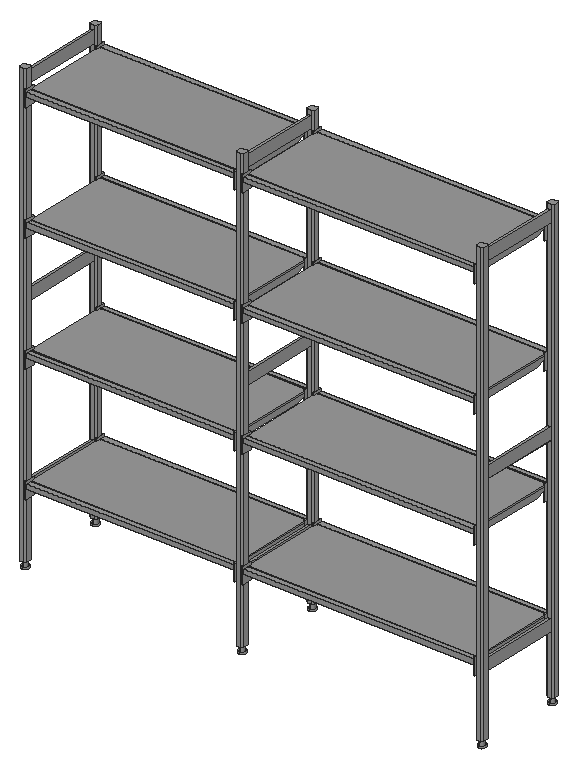
Revit family "QF_ELECTROLUXPROFESSIONAL_137021_ALS1784", category Attrezzature speciali, Revit 2020
Family settings
  Quota connettore circolare = Usa diametro
  Tipo di parte = Normale
  Basato su piano di lavoro = No
  Sempre verticale = Sì
  Taglio con vuoti quando caricato = No
  Condiviso = No
  Punto di calcolo locali = No
Parameters (values of type "Standard")
  Weight = 32.00 kg
  Watts = 0 W
  Volts = 0 V
  URL Manufacturer = "https://www.electroluxprofessional.com/"
  URL = "https://www.electroluxprofessional.com/"
  Steam Supply Size = 0 mm
  Steam Supply Minimum Pressure = 0.0 Pa
  Steam Supply Maximum Pressure = 0.0 Pa
  Steam Consumption per Hour = 0
  Refrigeration Suction Line Size = 0.0 mm
  Refrigeration Liquid Line Size = 0.0 mm
  Refrigerant Compressor Remote = yes
  Prospetto di default = 0.0 mm
  Phase = 0
  Modello = "ALS1784"
  Produttore = "Electrolux Professional"
  Length Actual = 1784.0 mm  # constant formula
  Item Number = "137021"
  Hot Water Size = 0 mm
  Height Actual = 1700.0 mm  # constant formula
  HP = "0 HP"
  Gas Size = 0 mm
  Gas KW = 0
  Gas Input Pressure = 0 W
  Direct Waste Size = 0 mm
  Descrizione = "ALUM.LINEAR SHELV.-POLY.TIERS-373X1784MM"
  Depth Actual = 373.0 mm  # constant formula
  Cycle = 0 Hz
  Condensate Return Size = 0 mm
  Compressed Air Volume = 0.0 L/s
  Compressed Air Size = 0 mm
  Compressed Air Pressure = 0.0 Pa
  Cold Water Size = 0 mm
  Accessory = yes
Reference planes
  plane 1: z = 0
  plane 2 "CenterLeft": x = -31
  plane 3 "LEFT": x = -417
  plane 4 "BACK": y = 23
  plane 5 "FRONT": y = -350
  plane 6 "TOP": z = 1700
  plane 7: x = -385
  plane 8: x = 413
  plane 9 "Center (Front/Back)": y = -163.5
  plane 10: y = -8.5
  plane 11: y = -318.5
  plane 12 "FEET": z = 25
  plane 13: z = 275
  plane 14: z = 725
  plane 15: z = 1175
  plane 16: z = 1625
  plane 17 "CXLeft": x = -403
  plane 18 "Center (Left/Right)": x = 431
  plane 19: y = 5.5
  plane 20 "CYBack": y = 5.5
  plane 21 "CYFront": y = -332.5
  plane 22 "RIGHT": x = 1367
  plane 23: x = 1335
  plane 24 "CXRight": x = 1353
  plane 25: x = 449
Forms (mm)
  Extrusion 1, solid, material "QF_Aluminum"
    sketch origin (-417, 0, -4.006) x (0, 1, 0) y (0, 0, 1)
      loop
        line (-12, 1637.003) -> (4, 1637.003) -> (4, 1655) -> (2.007, 1655) -> (2.007, 1648.501) -> (-329, 1648.501) -> (-329, 1655) -> (-331, 1655) -> (-331, 1637.003) -> (-315, 1637.003) -> (-281, 1625) -> (-46, 1625) -> (-12, 1637.003)
      loop
        line (-12, 1187.003) -> (4, 1187.003) -> (4, 1205) -> (2.007, 1205) -> (2.007, 1198.501) -> (-329, 1198.501) -> (-329, 1205) -> (-331, 1205) -> (-331, 1187.003) -> (-315, 1187.003) -> (-281, 1175) -> (-46, 1175) -> (-12, 1187.003)
      loop
        line (-12, 737.003) -> (4, 737.003) -> (4, 755) -> (2.007, 755) -> (2.007, 748.501) -> (-329, 748.501) -> (-329, 755) -> (-331, 755) -> (-331, 737.003) -> (-315, 737.003) -> (-281, 725) -> (-46, 725) -> (-12, 737.003)
      loop
        line (-12, 287.003) -> (4, 287.003) -> (4, 305) -> (2.007, 305) -> (2.007, 298.501) -> (-329, 298.501) -> (-329, 305) -> (-331, 305) -> (-331, 287.003) -> (-315, 287.003) -> (-281, 275) -> (-46, 275) -> (-12, 287.003)
    from 37 to 32
  Extrusion 2, solid, material "QF_Aluminum"
    sketch origin (-417, 0, 0) x (0, 1, 0) y (0, 0, 1)
      loop
        line (23, 246.005) -> (23, 307.993) -> (-12.993, 307.993) -> (-12.993, 246.005) -> (23, 246.005)
      loop
        line (-350, 246.005) -> (-314.007, 246.005) -> (-314.007, 307.993) -> (-350, 307.993) -> (-350, 246.005)
      loop
        line (23, 696.005) -> (23, 757.993) -> (-12.993, 757.993) -> (-12.993, 696.005) -> (23, 696.005)
      loop
        line (-350, 696.005) -> (-314.007, 696.005) -> (-314.007, 757.993) -> (-350, 757.993) -> (-350, 696.005)
      loop
        line (23, 1146.005) -> (23, 1207.993) -> (-12.993, 1207.993) -> (-12.993, 1146.005) -> (23, 1146.005)
      loop
        line (-350, 1146.005) -> (-314.007, 1146.005) -> (-314.007, 1207.993) -> (-350, 1207.993) -> (-350, 1146.005)
      loop
        line (23, 1596.005) -> (23, 1657.993) -> (-12.993, 1657.993) -> (-12.993, 1596.005) -> (23, 1596.005)
      loop
        line (-350, 1596.005) -> (-314.007, 1596.005) -> (-314.007, 1657.993) -> (-350, 1657.993) -> (-350, 1596.005)
    from 28 to 32
  Extrusion 3, solid, material "QF_Aluminum"
    sketch origin (-417, 0, 0) x (0, 1, 0) y (0, 0, 1)
      loop
        line (4, 1650.994) -> (4, 1632.998) -> (23, 1632.998) -> (23, 1650.994) -> (4, 1650.994)
      loop
        line (-331, 1650.994) -> (-350, 1650.994) -> (-350, 1632.998) -> (-331, 1632.998) -> (-331, 1650.994)
      loop
        line (4, 1200.994) -> (4, 1182.998) -> (23, 1182.998) -> (23, 1200.994) -> (4, 1200.994)
      loop
        line (-331, 1200.994) -> (-350, 1200.994) -> (-350, 1182.998) -> (-331, 1182.998) -> (-331, 1200.994)
      loop
        line (4, 750.994) -> (4, 732.998) -> (23, 732.998) -> (23, 750.994) -> (4, 750.994)
      loop
        line (-331, 750.994) -> (-350, 750.994) -> (-350, 732.998) -> (-331, 732.998) -> (-331, 750.994)
      loop
        line (4, 300.994) -> (4, 282.998) -> (23, 282.998) -> (23, 300.994) -> (4, 300.994)
      loop
        line (-331, 300.994) -> (-350, 300.994) -> (-350, 282.998) -> (-331, 282.998) -> (-331, 300.994)
    from 32 to 830
  Extrusion 4, solid, material "QF_Polyethylene"
    sketch origin (-417, 0, 0) x (0, 1, 0) y (0, 0, 1)
      loop
        line (2.007, 1650.994) -> (-329, 1650.994) -> (-329, 1644.496) -> (2.007, 1644.496) -> (2.007, 1650.994)
      loop
        line (2.007, 1200.994) -> (-329, 1200.994) -> (-329, 1194.496) -> (2.007, 1194.496) -> (2.007, 1200.994)
      loop
        line (2.007, 750.994) -> (-329, 750.994) -> (-329, 744.496) -> (2.007, 744.496) -> (2.007, 750.994)
      loop
        line (2.007, 300.994) -> (-329, 300.994) -> (-329, 294.496) -> (2.007, 294.496) -> (2.007, 300.994)
    from 32 to 830
  Extrusion 5, solid, material "QF_Aluminum"
    sketch origin (1367, 0, 0) x (0, 1, 0) y (0, 0, 1)
      loop
        line (4, 1650.994) -> (4, 1632.998) -> (23, 1632.998) -> (23, 1650.994) -> (4, 1650.994)
      loop
        line (-331, 1650.994) -> (-350, 1650.994) -> (-350, 1632.998) -> (-331, 1632.998) -> (-331, 1650.994)
      loop
        line (4, 1200.994) -> (4, 1182.998) -> (23, 1182.998) -> (23, 1200.994) -> (4, 1200.994)
      loop
        line (-331, 1200.994) -> (-350, 1200.994) -> (-350, 1182.998) -> (-331, 1182.998) -> (-331, 1200.994)
      loop
        line (4, 750.994) -> (4, 732.998) -> (23, 732.998) -> (23, 750.994) -> (4, 750.994)
      loop
        line (-331, 750.994) -> (-350, 750.994) -> (-350, 732.998) -> (-331, 732.998) -> (-331, 750.994)
      loop
        line (4, 300.994) -> (4, 282.998) -> (23, 282.998) -> (23, 300.994) -> (4, 300.994)
      loop
        line (-331, 300.994) -> (-350, 300.994) -> (-350, 282.998) -> (-331, 282.998) -> (-331, 300.994)
    from -32 to -918
  Extrusion 6, solid, material "QF_Polyethylene"
    sketch origin (1367, 0, 0) x (0, 1, 0) y (0, 0, 1)
      loop
        line (2.007, 1650.994) -> (-329, 1650.994) -> (-329, 1644.496) -> (2.007, 1644.496) -> (2.007, 1650.994)
      loop
        line (2.007, 1200.994) -> (-329, 1200.994) -> (-329, 1194.496) -> (2.007, 1194.496) -> (2.007, 1200.994)
      loop
        line (2.007, 750.994) -> (-329, 750.994) -> (-329, 744.496) -> (2.007, 744.496) -> (2.007, 750.994)
      loop
        line (2.007, 300.994) -> (-329, 300.994) -> (-329, 294.496) -> (2.007, 294.496) -> (2.007, 300.994)
    from -32 to -918
Lines and regions (mm)
  symbolic lines
    curve 1: line (413, 4, 1700) -> (-385, 4, 1700)
    curve 2: line (-408, -8.5, 1700) -> (-408, -318.5, 1700)
    curve 3: line (-398, -318.5, 1700) -> (-398, -8.5, 1700)
    curve 4: line (-389, 23, 1700) -> (417, 23, 1700)
    curve 5: line (-385, -350, 1700) -> (413, -350, 1700)
    curve 6: line (445, 23, 1700) -> (1339, 23, 1700)
    curve 7: line (445, -350, 1700) -> (1339, -350, 1700)
    curve 8: line (-385, -331, 1700) -> (413, -331, 1700)
    curve 9: line (449, -331, 1700) -> (1335, -331, 1700)
    curve 10: line (449, 4, 1700) -> (1335, 4, 1700)
    curve 11: line (1335, -12.993, 1700) -> (1335, -314.007, 1700)
    curve 12: line (413, -12.993, 1700) -> (413, -314.007, 1700)
    curve 13: line (449, -314.007, 1700) -> (449, -12.993, 1700)
    curve 14: line (-385, -12.993, 1700) -> (-385, -314.007, 1700)
Dimensions and locks
  plane 3 "LEFT" to plane 2 "CenterLeft" = 386.0 mm
  locked: plane 6 "TOP" to level at 1700
  locked: plane 4 "BACK" to plane 5 "FRONT" at 373
  locked: plane 7 to plane 8 at 798
  locked: plane 10 to plane 11 at 310
  equal spacing: plane 10, plane 9 "Center (Front/Back)", plane 11
  equal spacing: plane 4 "BACK", plane 9 "Center (Front/Back)", plane 5 "FRONT"
  plane 12 "FEET" to level = 25.0 mm
  plane 6 "TOP" to plane 12 "FEET" = 1675.0 mm
  plane 13 to plane 12 "FEET" = 250.0 mm
  plane 14 to plane 13 = 450.0 mm
  plane 15 to plane 14 = 450.0 mm
  plane 16 to plane 15 = 450.0 mm
  locked: plane 4 "BACK" to plane 20 "CYBack" at 17.5
  locked: plane 21 "CYFront" to plane 5 "FRONT" at 17.5
  locked: plane 4 "BACK" to Extrusion 1 at 19
  locked: Extrusion 1 to plane 5 "FRONT" at 19
  Extrusion 1 sketch curve to plane 21 "CYFront" = 3.5 mm
  plane 3 "LEFT" to plane 22 "RIGHT" = 1784.0 mm
  locked: plane 25 to plane 23 at 886
  locked: plane 8 to plane 18 "Center (Left/Right)" at 18
  locked: plane 18 "Center (Left/Right)" to plane 25 at 18
  locked: plane 3 "LEFT" to plane 7 at 32
  locked: plane 24 "CXRight" to plane 22 "RIGHT" at 14
  aligned and locked: level to plane 1
  aligned and locked: plane 7 to Extrusion 1
  aligned and locked: Extrusion 2 to plane 7
  aligned and locked: plane 7 to Extrusion 4
  aligned and locked: Extrusion 4 to plane 8
  aligned and locked: plane 7 to Extrusion 3
  aligned and locked: Extrusion 3 to plane 8
  aligned and locked: Extrusion 3 sketch curve to Extrusion 1
  aligned and locked: Extrusion 1 to Extrusion 3 sketch curve
  aligned and locked: Extrusion 3 sketch curve to Extrusion 3 sketch curve  (x2)
  aligned and locked: Extrusion 1 sketch curve to Extrusion 1 sketch curve  (x3)
  aligned and locked: Extrusion 4 sketch curve to Extrusion 1  (x4)
  aligned and locked: Extrusion 5 sketch curve to Extrusion 5 sketch curve  (x2)
  aligned and locked: Extrusion 5 to plane 25
  aligned and locked: Extrusion 6 to plane 25
  aligned and locked: plane 18 "Center (Left/Right)" to nested 3
  aligned and locked: plane 17 "CXLeft" to nested 1
  aligned and locked: Extrusion 3 to plane 7  (x3)
  aligned and locked: plane 8 to Extrusion 3  (x4)
  aligned and locked: plane 25 to Extrusion 5  (x4)
  aligned and locked: plane 25 to Extrusion 6  (x4)
  aligned and locked: plane 8 to Extrusion 4  (x4)
  aligned and locked: plane 24 "CXRight" to nested 2
  aligned and locked: Extrusion 5 to plane 23
  aligned and locked: Extrusion 6 to plane 23
  aligned and locked: plane 23 to Extrusion 5  (x3)
  aligned and locked: plane 23 to Extrusion 6  (x3)
Automatic sketch dimensions
  plane 21 "CYFront" to Extrusion 1 sketch curve = 1.5 mm  (x4)
  plane 11 to Extrusion 1 sketch curve = 3.5 mm  (x4)
  Extrusion 1 sketch curve to plane 13 = 4.006 mm
  Extrusion 1 sketch curve to Extrusion 1 sketch curve = 34.0 mm  (x4)
  Extrusion 1 sketch curve to plane 14 = 4.006 mm
  Extrusion 1 sketch curve to plane 15 = 4.006 mm
  Extrusion 1 sketch curve to plane 16 = 4.006 mm
  Extrusion 1 sketch curve to plane 10 = 37.5 mm  (x4)
  Extrusion 1 sketch curve to plane 10 = 3.5 mm  (x4)
  plane 19 to Extrusion 1 sketch curve = 3.493 mm  (x4)
  plane 19 to Extrusion 1 sketch curve = 1.5 mm  (x4)
  plane 13 to Extrusion 1 sketch curve = 7.998 mm  (x2)
  Extrusion 1 sketch curve to Extrusion 1 sketch curve = 11.498 mm  (x4)
  Extrusion 1 sketch curve to Extrusion 1 sketch curve = 6.499 mm  (x8)
  plane 14 to Extrusion 1 sketch curve = 7.998 mm  (x2)
  plane 15 to Extrusion 1 sketch curve = 7.998 mm  (x2)
  plane 16 to Extrusion 1 sketch curve = 7.998 mm  (x2)
  Extrusion 2 sketch curve to plane 5 "FRONT" = 0.0 mm  (x4)
  Extrusion 2 sketch curve to plane 4 "BACK" = 0.0 mm  (x4)
  plane 11 to Extrusion 2 sketch curve = 4.493 mm  (x4)
  Extrusion 2 sketch curve to plane 10 = 4.493 mm  (x4)
  Extrusion 2 sketch curve to plane 13 = 28.995 mm  (x2)
  plane 13 to Extrusion 2 sketch curve = 32.993 mm  (x2)
  Extrusion 2 sketch curve to plane 14 = 28.995 mm  (x2)
  plane 14 to Extrusion 2 sketch curve = 32.993 mm  (x2)
  Extrusion 2 sketch curve to plane 15 = 28.995 mm  (x2)
  plane 15 to Extrusion 2 sketch curve = 32.993 mm  (x2)
  Extrusion 2 sketch curve to plane 16 = 28.995 mm  (x2)
  plane 16 to Extrusion 2 sketch curve = 32.993 mm  (x2)
  Extrusion 3 sketch curve to plane 5 "FRONT" = 0.0 mm  (x4)
  Extrusion 3 sketch curve to plane 4 "BACK" = 0.0 mm  (x4)
  plane 19 to Extrusion 3 sketch curve = 1.5 mm  (x4)
  plane 13 to Extrusion 3 sketch curve = 7.998 mm  (x2)
  Extrusion 3 sketch curve to Extrusion 3 sketch curve = 17.997 mm  (x8)
  plane 14 to Extrusion 3 sketch curve = 7.998 mm  (x2)
  plane 15 to Extrusion 3 sketch curve = 7.998 mm  (x2)
  plane 16 to Extrusion 3 sketch curve = 7.998 mm  (x2)
  plane 19 to Extrusion 4 sketch curve = 3.493 mm  (x4)
  plane 13 to Extrusion 4 sketch curve = 19.496 mm
  Extrusion 4 sketch curve to Extrusion 4 sketch curve = 6.499 mm  (x4)
  plane 14 to Extrusion 4 sketch curve = 19.496 mm
  plane 15 to Extrusion 4 sketch curve = 19.496 mm
  plane 16 to Extrusion 4 sketch curve = 19.496 mm
  Extrusion 5 sketch curve to plane 5 "FRONT" = 0.0 mm  (x4)
  Extrusion 5 sketch curve to plane 4 "BACK" = 0.0 mm  (x4)
  plane 21 "CYFront" to Extrusion 5 sketch curve = 1.5 mm  (x2)
  plane 19 to Extrusion 5 sketch curve = 1.5 mm  (x4)
  plane 13 to Extrusion 5 sketch curve = 7.998 mm  (x2)
  Extrusion 5 sketch curve to Extrusion 5 sketch curve = 17.997 mm  (x8)
  plane 14 to Extrusion 5 sketch curve = 7.998 mm  (x2)
  plane 15 to Extrusion 5 sketch curve = 7.998 mm  (x2)
  plane 16 to Extrusion 5 sketch curve = 7.998 mm  (x2)
  plane 21 "CYFront" to Extrusion 6 sketch curve = 3.5 mm  (x4)
  plane 19 to Extrusion 6 sketch curve = 3.493 mm  (x4)
  plane 13 to Extrusion 6 sketch curve = 19.496 mm
  Extrusion 6 sketch curve to Extrusion 6 sketch curve = 6.499 mm  (x4)
  plane 14 to Extrusion 6 sketch curve = 19.496 mm
  plane 15 to Extrusion 6 sketch curve = 19.496 mm
  plane 16 to Extrusion 6 sketch curve = 19.496 mm
  curve 7 to plane 5 "FRONT" = 0.0 mm
  curve 5 to plane 5 "FRONT" = 0.0 mm
  curve 8 to plane 8 = 0.0 mm
  curve 9 to plane 25 = 0.0 mm
  curve 9 to plane 23 = 0.0 mm
  curve 8 to plane 7 = 0.0 mm
  curve 2 to plane 11 = 0.0 mm
  curve 3 to plane 11 = 0.0 mm
  curve 14 to plane 7 = 0.0 mm
  curve 13 to plane 25 = 0.0 mm
  curve 12 to plane 8 = 0.0 mm
  curve 11 to plane 23 = 0.0 mm
  curve 3 to plane 10 = 0.0 mm
  curve 2 to plane 10 = 0.0 mm
  curve 1 to plane 8 = 0.0 mm
  curve 1 to plane 7 = 0.0 mm
  curve 10 to plane 23 = 0.0 mm
  curve 10 to plane 25 = 0.0 mm
  curve 4 to plane 4 "BACK" = 0.0 mm
  curve 6 to plane 4 "BACK" = 0.0 mm
  curve 5 to plane 8 = 0.0 mm
  curve 5 to plane 7 = 0.0 mm
  plane 21 "CYFront" to curve 8 = 1.5 mm
  plane 21 "CYFront" to curve 9 = 1.5 mm
  plane 11 to curve 14 = 4.493 mm
  plane 11 to curve 13 = 4.493 mm
  plane 11 to curve 12 = 4.493 mm
  plane 11 to curve 11 = 4.493 mm
  curve 14 to plane 10 = 4.493 mm
  curve 13 to plane 10 = 4.493 mm
  curve 12 to plane 10 = 4.493 mm
  curve 11 to plane 10 = 4.493 mm
  plane 19 to curve 1 = 1.5 mm
  plane 19 to curve 10 = 1.5 mm
  curve 6 to plane 23 = 4.0 mm
  curve 7 to plane 23 = 4.0 mm
  curve 6 to plane 25 = 4.0 mm
  curve 7 to plane 25 = 4.0 mm
  curve 4 to plane 8 = 4.0 mm
  plane 7 to curve 4 = 4.0 mm
  plane 17 "CXLeft" to curve 3 = 5.0 mm
  curve 2 to plane 17 "CXLeft" = 5.0 mm
Nested families
  nested 1: "WT_Anta373" at (0, 0, 0), type "WT_Anta373"
  nested 2: "WT_Anta373" at (950, 0, 0) x (-1, 0, 0) z (0, 0, 1), type "WT_Anta373"
  nested 3: "WT_Anta373Center" at (834, 0, 0), type "WT_Anta373Center"
Definition of nested family "WT_Anta373"
  Parameters
    WidthLeft = A + 64.0 mm  # 772.0 mm
    Width = 1606.0 mm
    Right = WidthLeft / 2  # 386.0 mm
    Default Elevation = 0.0 mm
    Left = -WidthLeft / 2  # -386.0 mm
    Height = 1725.0 mm
    FEET = 25.0 mm
    E = 0.0 mm
    Dint = Depth - 63.0 mm  # 310.0 mm
    Dext = Depth - 8.0 mm  # 365.0 mm
    Depth = 373.0 mm
    DX = (WidthLeft - A) / 2  # 32.0 mm
    B = 798.0 mm
    A = 708.0 mm
  Reference planes
    plane 1: z = 0
    plane 2 "LEFT": x = -417
    plane 3 "BACK": y = 23
    plane 4 "FRONT": y = -350
    plane 5 "TOP": z = 1725
    plane 6 "Center (Front/Back)": y = -163.5
    plane 7: y = -8.5
    plane 8: y = -318.5
    plane 9 "FEET": z = 25
    plane 10: z = 275
    plane 11: z = 725
    plane 12: z = 1175
    plane 13: z = 1625
    plane 14 "CXLeft": x = -403
    plane 15: y = 5.5
    plane 16 "CYBack": y = 5.5
    plane 17 "CYFront": y = -332.5
    plane 18: x = -385.031
    plane 19: x = -380.031
  Forms (mm)
    Extrusion 1, solid
      sketch origin (0, 0, 0) x (1, 0, 0) y (0, 1, 0)
        loop
          line (-417, 13.246) -> (-417, -2.246) -> (-410.746, -8.5) -> (-395.254, -8.5) -> (-389, -2.246) -> (-389, 13.246) -> (-395.254, 19.5) -> (-410.746, 19.5) -> (-417, 13.246)
      from 1725 to 25
    Extrusion 2, solid
      sketch origin (-417, 0, 0) x (0, 1, 0) y (0, 0, 1)
        loop
          line (23, 246.005) -> (23, 307.993) -> (-12.993, 307.993) -> (-12.993, 246.005) -> (23, 246.005)
        loop
          line (-350, 246.005) -> (-314.007, 246.005) -> (-314.007, 307.993) -> (-350, 307.993) -> (-350, 246.005)
        loop
          line (23, 696.005) -> (23, 757.993) -> (-12.993, 757.993) -> (-12.993, 696.005) -> (23, 696.005)
        loop
          line (-350, 696.005) -> (-314.007, 696.005) -> (-314.007, 757.993) -> (-350, 757.993) -> (-350, 696.005)
        loop
          line (23, 1146.005) -> (23, 1207.993) -> (-12.993, 1207.993) -> (-12.993, 1146.005) -> (23, 1146.005)
        loop
          line (-350, 1146.005) -> (-314.007, 1146.005) -> (-314.007, 1207.993) -> (-350, 1207.993) -> (-350, 1146.005)
        loop
          line (23, 1596.005) -> (23, 1657.993) -> (-12.993, 1657.993) -> (-12.993, 1596.005) -> (23, 1596.005)
        loop
          line (-350, 1596.005) -> (-314.007, 1596.005) -> (-314.007, 1657.993) -> (-350, 1657.993) -> (-350, 1596.005)
      from 28 to 32
    Revolve 3, solid
      sketch origin (-403, 0, 0) x (0, 1, 0) y (0, 0, 1)
        loop
          line (5.5, 25) -> (5.5, 0) -> (19, 0) -> (19, 5) -> (14, 5) -> (14, 25) -> (5.5, 25)
        axis (5.5, 25) -> (5.5, 0)
      angle from 0 to 360
    Extrusion 4, solid
      sketch origin (-403, 0, 0) x (0, 1, 0) y (0, 0, 1)
        loop
          line (-8.5, 912.382) -> (-8.5, 957.374) -> (-318.5, 957.374) -> (-318.5, 912.382) -> (-8.5, 912.382)
        loop
          line (-8.5, 1662.244) -> (-8.5, 1707.236) -> (-318.5, 1707.236) -> (-318.5, 1662.244) -> (-8.5, 1662.244)
      from -5 to 5
    Revolve 5, solid
      sketch origin (-403, -627, 0) x (0, -1, 0) y (0, 0, 1)
        loop
          line (-294.5, 25) -> (-294.5, 0) -> (-281, 0) -> (-281, 5) -> (-286, 5) -> (-286, 25) -> (-294.5, 25)
        axis (-294.5, 25) -> (-294.5, 0)
      angle from 0 to 360
    Extrusion 6, solid
      sketch origin (0, -627, 0) x (1, 0, 0) y (0, 1, 0)
        loop
          line (-417, 286.754) -> (-410.746, 280.5) -> (-395.254, 280.5) -> (-389, 286.754) -> (-389, 302.246) -> (-395.254, 308.5) -> (-410.746, 308.5) -> (-417, 302.246) -> (-417, 286.754)
      from 1725 to 25
    Extrusion 7, solid
      sketch origin (-417.031, -0.022, 0) x (0, 1, 0) y (0, 0, -1)
        loop
          line (-12, -1632.998) -> (-46, -1620.994) -> (-281, -1620.994) -> (-315, -1632.998) -> (-331, -1632.998) -> (-331, -1650.994) -> (-329, -1650.994) -> (-329, -1644.496) -> (2.007, -1644.496) -> (2.007, -1650.994) -> (4, -1650.994) -> (4, -1632.998) -> (-12, -1632.998)
        loop
          line (-12, -1182.998) -> (-46, -1170.994) -> (-281, -1170.994) -> (-315, -1182.998) -> (-331, -1182.998) -> (-331, -1200.994) -> (-329, -1200.994) -> (-329, -1194.496) -> (2.007, -1194.496) -> (2.007, -1200.994) -> (4, -1200.994) -> (4, -1182.998) -> (-12, -1182.998)
        loop
          line (-12, -732.998) -> (-46, -720.994) -> (-281, -720.994) -> (-315, -732.998) -> (-331, -732.998) -> (-331, -750.994) -> (-329, -750.994) -> (-329, -744.496) -> (2.007, -744.496) -> (2.007, -750.994) -> (4, -750.994) -> (4, -732.998) -> (-12, -732.998)
        loop
          line (-12, -282.998) -> (-46, -270.994) -> (-281, -270.994) -> (-315, -282.998) -> (-331, -282.998) -> (-331, -300.994) -> (-329, -300.994) -> (-329, -294.496) -> (2.007, -294.496) -> (2.007, -300.994) -> (4, -300.994) -> (4, -282.998) -> (-12, -282.998)
      from -32 to -37
    Extrusion 8, solid
      sketch origin (-403, 0, -659.878) x (0, 1, 0) y (0, 0, 1)
        loop
          line (-8.5, 912.382) -> (-8.5, 957.374) -> (-318.5, 957.374) -> (-318.5, 912.382) -> (-8.5, 912.382)
        loop
          line (-8.5, 1572.382) -> (-8.5, 1617.374) -> (-318.5, 1617.374) -> (-318.5, 1572.382) -> (-8.5, 1572.382)
        loop
          line (-8.5, 2322.382) -> (-8.5, 2367.374) -> (-318.5, 2367.374) -> (-318.5, 2322.382) -> (-8.5, 2322.382)
      from -5 to 5
  Lines and regions (mm)
    symbolic lines
      curve 1: line (-408, -8.5, 1725) -> (-408, -318.5, 1725)
      curve 2: line (-398, -318.5, 1725) -> (-398, -8.5, 1725)
      curve 3: line (-395.254, -8.5, 1725) -> (-410.746, -8.5, 1725)
      curve 4: line (-417, -2.246, 1725) -> (-410.746, -8.5, 1725)
      curve 5: line (-417, 13.246, 1725) -> (-417, -2.246, 1725)
      curve 6: line (-410.746, 19.5, 1725) -> (-417, 13.246, 1725)
      curve 7: line (-395.254, 19.5, 1725) -> (-410.746, 19.5, 1725)
      curve 8: line (-389, 13.246, 1725) -> (-395.254, 19.5, 1725)
      curve 9: line (-395.254, -8.5, 1725) -> (-389, -2.246, 1725)
      curve 10: line (-395.254, -318.5, 1725) -> (-410.746, -318.5, 1725)
      curve 11: line (-417, -324.754, 1725) -> (-410.746, -318.5, 1725)
      curve 12: line (-410.746, -346.5, 1725) -> (-417, -340.246, 1725)
      curve 13: line (-395.254, -346.5, 1725) -> (-410.746, -346.5, 1725)
      curve 14: line (-389, -340.246, 1725) -> (-395.254, -346.5, 1725)
      curve 15: line (-395.254, -318.5, 1725) -> (-389, -324.754, 1725)
      curve 16: line (-389, -350, 1725) -> (-389, -314.007, 1725)
      curve 17: line (-389, -314.007, 1725) -> (-385, -314.007, 1725)
      curve 18: line (-389, 23, 1725) -> (-389, -12.993, 1725)
      curve 19: line (-389, -12.993, 1725) -> (-385, -12.993, 1725)
      curve 20: line (-417, -324.754, 1725) -> (-417, -340.246, 1725)
      curve 21: line (-385, -350, 1725) -> (-385, -314.007, 1725)
      curve 22: line (-385, -350, 1725) -> (-389, -350, 1725)
      curve 23: line (-385, 23, 1725) -> (-389, 23, 1725)
      curve 24: line (-385, -12.993, 1725) -> (-385, 23, 1725)
      curve 25: line (-385.031, -13.016, 1725) -> (-385.031, -314.029, 1725)
  Dimensions and locks
    "Height": plane 5 "TOP" to level
    "Depth": plane 3 "BACK" to plane 4 "FRONT"
    "Dint": plane 7 to plane 8
    equal spacing: plane 7, plane 6 "Center (Front/Back)", plane 8
    equal spacing: plane 3 "BACK", plane 6 "Center (Front/Back)", plane 4 "FRONT"
    plane 9 "FEET" to level = 25.0 mm
    plane 5 "TOP" to plane 9 "FEET" = 1700.0 mm
    plane 10 to plane 9 "FEET" = 250.0 mm
    plane 11 to plane 10 = 450.0 mm
    plane 12 to plane 11 = 450.0 mm
    plane 13 to plane 12 = 450.0 mm
    locked: plane 2 "LEFT" to plane 14 "CXLeft" at 14
    locked: plane 3 "BACK" to plane 16 "CYBack" at 17.5
    locked: plane 17 "CYFront" to plane 4 "FRONT" at 17.5
    locked: Revolve 3 sketch curve to Revolve 3 sketch curve at 8.5
    locked: Revolve 3 sketch curve to plane 16 "CYBack" at 13.5
    locked: Revolve 5 sketch curve to Revolve 5 sketch curve at 8.5
    aligned and locked: level to plane 1
    aligned and locked: curve 20 to Extrusion 6
    aligned and locked: plane 5 "TOP" to Extrusion 1
    aligned and locked: plane 5 "TOP" to Extrusion 6
    aligned and locked: Extrusion 7 sketch curve to Extrusion 7 sketch curve  (x3)
  Automatic sketch dimensions
    curve 16 to plane 4 "FRONT" = 0.0 mm
    curve 11 to plane 8 = 0.0 mm
    curve 9 to plane 7 = 0.0 mm
    curve 5 to plane 2 "LEFT" = 0.0 mm
    curve 23 to plane 3 "BACK" = 0.0 mm
    plane 4 "FRONT" to curve 13 = 3.5 mm
    curve 20 to plane 17 "CYFront" = 7.746 mm
    curve 20 to plane 8 = 6.254 mm
    plane 8 to curve 16 = 4.493 mm
    curve 24 to plane 18 = 0.031 mm
    curve 24 to plane 7 = 4.493 mm
    plane 7 to curve 5 = 6.254 mm
    curve 5 to plane 15 = 7.746 mm
    curve 6 to plane 3 "BACK" = 3.5 mm
    curve 21 to plane 18 = 0.031 mm
    plane 18 to curve 23 = 3.969 mm
    plane 18 to curve 16 = 3.969 mm
    curve 18 to curve 8 = 6.254 mm
    curve 18 to curve 3 = 6.254 mm
    curve 16 to curve 13 = 6.254 mm
    curve 16 to curve 15 = 6.254 mm
    plane 2 "LEFT" to curve 10 = 6.254 mm
    plane 2 "LEFT" to curve 7 = 6.254 mm
    plane 2 "LEFT" to curve 12 = 6.254 mm
    plane 2 "LEFT" to curve 3 = 6.254 mm
    curve 14 to plane 17 "CYFront" = 7.746 mm
    curve 15 to plane 8 = 6.254 mm
    plane 7 to curve 9 = 6.254 mm
    curve 8 to plane 15 = 7.746 mm
    curve 3 to curve 2 = 2.746 mm
    curve 1 to curve 10 = 2.746 mm
    Extrusion 1 sketch curve to plane 2 "LEFT" = 0.0 mm
    Extrusion 1 sketch curve to plane 7 = 0.0 mm
    plane 2 "LEFT" to Extrusion 1 sketch curve = 6.254 mm  (x2)
    plane 14 "CXLeft" to Extrusion 1 sketch curve = 7.746 mm  (x2)
    Extrusion 1 sketch curve to plane 3 "BACK" = 3.5 mm
    plane 18 to Extrusion 1 sketch curve = 3.969 mm
    plane 7 to Extrusion 1 sketch curve = 6.254 mm  (x2)
    Extrusion 1 sketch curve to plane 15 = 7.746 mm  (x2)
    Extrusion 2 sketch curve to plane 4 "FRONT" = 0.0 mm  (x4)
    Extrusion 2 sketch curve to plane 3 "BACK" = 0.0 mm  (x4)
    plane 8 to Extrusion 2 sketch curve = 4.493 mm  (x4)
    Extrusion 2 sketch curve to plane 7 = 4.493 mm  (x4)
    Extrusion 2 sketch curve to plane 10 = 28.995 mm  (x2)
    plane 10 to Extrusion 2 sketch curve = 32.993 mm  (x2)
    Extrusion 2 sketch curve to plane 11 = 28.995 mm  (x2)
    plane 11 to Extrusion 2 sketch curve = 32.993 mm  (x2)
    Extrusion 2 sketch curve to plane 12 = 28.995 mm  (x2)
    plane 12 to Extrusion 2 sketch curve = 32.993 mm  (x2)
    Extrusion 2 sketch curve to plane 13 = 28.995 mm  (x2)
    plane 13 to Extrusion 2 sketch curve = 32.993 mm  (x2)
    Revolve 3 sketch curve to plane 9 "FEET" = 0.0 mm  (x2)
    Revolve 3 sketch curve to plane 15 = 0.0 mm  (x2)
    Revolve 3 sketch curve to level = 0.0 mm
    level to Revolve 3 sketch curve = 5.0 mm
    Revolve 3 sketch curve to Revolve 3 sketch curve = 11.655 mm
    Extrusion 4 sketch curve to plane 8 = 0.0 mm  (x2)
    Extrusion 4 sketch curve to plane 7 = 0.0 mm  (x2)
    plane 11 to Extrusion 4 sketch curve = 187.382 mm
    Extrusion 4 sketch curve to Extrusion 4 sketch curve = 44.992 mm
    plane 13 to Extrusion 4 sketch curve = 37.244 mm
    Extrusion 4 sketch curve to plane 5 "TOP" = 17.764 mm
    Revolve 5 sketch curve to plane 9 "FEET" = 0.0 mm  (x2)
    Revolve 5 sketch curve to plane 17 "CYFront" = 0.0 mm  (x2)
    Revolve 5 sketch curve to level = 0.0 mm
    Revolve 5 sketch curve to plane 4 "FRONT" = 4.0 mm
    Revolve 5 sketch curve to Revolve 5 sketch curve = 5.0 mm
    level to Revolve 5 sketch curve = 11.655 mm
    Extrusion 6 sketch curve to plane 2 "LEFT" = 0.0 mm
    Extrusion 6 sketch curve to plane 8 = 0.0 mm
    Extrusion 6 sketch curve to plane 2 "LEFT" = 6.254 mm  (x2)
    Extrusion 6 sketch curve to plane 14 "CXLeft" = 7.746 mm  (x2)
    Extrusion 6 sketch curve to plane 4 "FRONT" = 3.5 mm
    Extrusion 6 sketch curve to plane 18 = 3.969 mm
    plane 8 to Extrusion 6 sketch curve = 6.254 mm  (x2)
    plane 17 "CYFront" to Extrusion 6 sketch curve = 7.746 mm  (x2)
    plane 17 "CYFront" to Extrusion 7 sketch curve = 1.478 mm  (x4)
    Extrusion 7 sketch curve to Extrusion 7 sketch curve = 2.0 mm
    plane 8 to Extrusion 7 sketch curve = 3.478 mm  (x4)
    Extrusion 7 sketch curve to plane 10 = 4.006 mm
    Extrusion 7 sketch curve to Extrusion 7 sketch curve = 34.0 mm  (x4)
    Extrusion 7 sketch curve to plane 11 = 4.006 mm
    Extrusion 7 sketch curve to plane 12 = 4.006 mm
    Extrusion 7 sketch curve to plane 13 = 4.006 mm
    Extrusion 7 sketch curve to plane 7 = 37.522 mm  (x4)
    Extrusion 7 sketch curve to plane 7 = 3.522 mm  (x4)
    plane 15 to Extrusion 7 sketch curve = 3.516 mm  (x4)
    plane 15 to Extrusion 7 sketch curve = 1.522 mm  (x4)
    plane 13 to Extrusion 7 sketch curve = 7.998 mm  (x2)
    Extrusion 7 sketch curve to Extrusion 7 sketch curve = 11.498 mm
    Extrusion 7 sketch curve to Extrusion 7 sketch curve = 6.499 mm  (x5)
    plane 12 to Extrusion 7 sketch curve = 25.994 mm  (x2)
    plane 12 to Extrusion 7 sketch curve = 7.998 mm  (x2)
    plane 11 to Extrusion 7 sketch curve = 25.994 mm  (x2)
    plane 11 to Extrusion 7 sketch curve = 7.998 mm  (x2)
    plane 10 to Extrusion 7 sketch curve = 25.994 mm  (x2)
    plane 10 to Extrusion 7 sketch curve = 7.998 mm  (x2)
    curve 25 to plane 18 = 0.0 mm
    plane 8 to curve 25 = 4.471 mm
    curve 25 to plane 7 = 4.516 mm
    Extrusion 8 sketch curve to plane 8 = 0.0 mm  (x3)
    Extrusion 8 sketch curve to plane 7 = 0.0 mm  (x3)
    Extrusion 8 sketch curve to plane 10 = 22.496 mm
    plane 10 to Extrusion 8 sketch curve = 22.496 mm
    plane 11 to Extrusion 8 sketch curve = 187.504 mm
    Extrusion 8 sketch curve to Extrusion 8 sketch curve = 44.992 mm
    plane 13 to Extrusion 8 sketch curve = 37.504 mm
    Extrusion 8 sketch curve to plane 5 "TOP" = 17.504 mm
Definition of nested family "WT_Anta373Center"
  Parameters
    WidthLeft = A + 64.0 mm  # 772.0 mm
    Width = 1606.0 mm
    Right = WidthLeft / 2  # 386.0 mm
    Default Elevation = 0.0 mm
    Left = -WidthLeft / 2  # -386.0 mm
    Height = 1725.0 mm
    FEET = 25.0 mm
    E = 0.0 mm
    Dint = Depth - 63.0 mm  # 310.0 mm
    Dext = Depth - 8.0 mm  # 365.0 mm
    Depth = 373.0 mm
    DX = (WidthLeft - A) / 2  # 32.0 mm
    B = 798.0 mm
    A = 708.0 mm
  Reference planes
    plane 1: z = 0
    plane 2 "L": x = -417
    plane 3 "BACK": y = 23
    plane 4 "FRONT": y = -350
    plane 5 "TOP": z = 1725
    plane 6 "Center (Front/Back)": y = -163.5
    plane 7: y = -8.5
    plane 8: y = -318.5
    plane 9 "FEET": z = 25
    plane 10: z = 275
    plane 11: z = 725
    plane 12: z = 1175
    plane 13: z = 1625
    plane 14 "CXLeft": x = -403
    plane 15: y = 5.5
    plane 16 "CYBack": y = 5.5
    plane 17 "CYFront": y = -332.5
    plane 18: x = -385.031
    plane 19 "RIGHT": x = -380.031
    plane 20: x = -420.969
    plane 21 "LEFT": x = -425.969
  Forms (mm)
    Extrusion 1, solid
      sketch origin (0, 0, 0) x (1, 0, 0) y (0, 1, 0)
        loop
          line (-417, 13.246) -> (-417, -2.246) -> (-410.746, -8.5) -> (-395.254, -8.5) -> (-389, -2.246) -> (-389, 13.246) -> (-395.254, 19.5) -> (-410.746, 19.5) -> (-417, 13.246)
      from 1725 to 25
    Extrusion 2, solid
      sketch origin (-417, 0, 0) x (0, 1, 0) y (0, 0, 1)
        loop
          line (23, 246.005) -> (23, 307.993) -> (-12.993, 307.993) -> (-12.993, 246.005) -> (23, 246.005)
        loop
          line (-350, 246.005) -> (-314.007, 246.005) -> (-314.007, 307.993) -> (-350, 307.993) -> (-350, 246.005)
        loop
          line (23, 696.005) -> (23, 757.993) -> (-12.993, 757.993) -> (-12.993, 696.005) -> (23, 696.005)
        loop
          line (-350, 696.005) -> (-314.007, 696.005) -> (-314.007, 757.993) -> (-350, 757.993) -> (-350, 696.005)
        loop
          line (23, 1146.005) -> (23, 1207.993) -> (-12.993, 1207.993) -> (-12.993, 1146.005) -> (23, 1146.005)
        loop
          line (-350, 1146.005) -> (-314.007, 1146.005) -> (-314.007, 1207.993) -> (-350, 1207.993) -> (-350, 1146.005)
        loop
          line (23, 1596.005) -> (23, 1657.993) -> (-12.993, 1657.993) -> (-12.993, 1596.005) -> (23, 1596.005)
        loop
          line (-350, 1596.005) -> (-314.007, 1596.005) -> (-314.007, 1657.993) -> (-350, 1657.993) -> (-350, 1596.005)
      from 28 to 32
    Revolve 3, solid
      sketch origin (-403, 0, 0) x (0, 1, 0) y (0, 0, 1)
        loop
          line (5.5, 25) -> (5.5, 0) -> (19, 0) -> (19, 5) -> (14, 5) -> (14, 25) -> (5.5, 25)
        axis (5.5, 25) -> (5.5, 0)
      angle from 0 to 360
    Extrusion 4, solid
      sketch origin (-403, 0, 0) x (0, 1, 0) y (0, 0, 1)
        loop
          line (-8.5, 912.382) -> (-8.5, 957.374) -> (-318.5, 957.374) -> (-318.5, 912.382) -> (-8.5, 912.382)
        loop
          line (-8.5, 1662.244) -> (-8.5, 1707.236) -> (-318.5, 1707.236) -> (-318.5, 1662.244) -> (-8.5, 1662.244)
      from -5 to 5
    Revolve 5, solid
      sketch origin (-403, -627, 0) x (0, -1, 0) y (0, 0, 1)
        loop
          line (-294.5, 25) -> (-294.5, 0) -> (-281, 0) -> (-281, 5) -> (-286, 5) -> (-286, 25) -> (-294.5, 25)
        axis (-294.5, 25) -> (-294.5, 0)
      angle from 0 to 360
    Extrusion 6, solid
      sketch origin (0, -627, 0) x (1, 0, 0) y (0, 1, 0)
        loop
          line (-417, 286.754) -> (-410.746, 280.5) -> (-395.254, 280.5) -> (-389, 286.754) -> (-389, 302.246) -> (-395.254, 308.5) -> (-410.746, 308.5) -> (-417, 302.246) -> (-417, 286.754)
      from 1725 to 25
    Extrusion 7, solid
      sketch origin (-417.031, -0.022, 0) x (0, 1, 0) y (0, 0, -1)
        loop
          line (-12, -1632.998) -> (-46, -1620.994) -> (-281, -1620.994) -> (-315, -1632.998) -> (-331, -1632.998) -> (-331, -1650.994) -> (-329, -1650.994) -> (-329, -1644.496) -> (2.007, -1644.496) -> (2.007, -1650.994) -> (4, -1650.994) -> (4, -1632.998) -> (-12, -1632.998)
        loop
          line (-12, -1182.998) -> (-46, -1170.994) -> (-281, -1170.994) -> (-315, -1182.998) -> (-331, -1182.998) -> (-331, -1200.994) -> (-329, -1200.994) -> (-329, -1194.496) -> (2.007, -1194.496) -> (2.007, -1200.994) -> (4, -1200.994) -> (4, -1182.998) -> (-12, -1182.998)
        loop
          line (-12, -732.998) -> (-46, -720.994) -> (-281, -720.994) -> (-315, -732.998) -> (-331, -732.998) -> (-331, -750.994) -> (-329, -750.994) -> (-329, -744.496) -> (2.007, -744.496) -> (2.007, -750.994) -> (4, -750.994) -> (4, -732.998) -> (-12, -732.998)
        loop
          line (-12, -282.998) -> (-46, -270.994) -> (-281, -270.994) -> (-315, -282.998) -> (-331, -282.998) -> (-331, -300.994) -> (-329, -300.994) -> (-329, -294.496) -> (2.007, -294.496) -> (2.007, -300.994) -> (4, -300.994) -> (4, -282.998) -> (-12, -282.998)
      from -32 to -37
    Extrusion 8, solid
      sketch origin (-403, 0, -659.878) x (0, 1, 0) y (0, 0, 1)
        loop
          line (-8.5, 912.382) -> (-8.5, 957.374) -> (-318.5, 957.374) -> (-318.5, 912.382) -> (-8.5, 912.382)
        loop
          line (-8.5, 1572.382) -> (-8.5, 1617.374) -> (-318.5, 1617.374) -> (-318.5, 1572.382) -> (-8.5, 1572.382)
        loop
          line (-8.5, 2322.382) -> (-8.5, 2367.374) -> (-318.5, 2367.374) -> (-318.5, 2322.382) -> (-8.5, 2322.382)
      from -5 to 5
    Extrusion 9, solid
      sketch origin (-389, 0, 0) x (0, 1, 0) y (0, 0, -1)
        loop
          line (23, -246.005) -> (-12.993, -246.005) -> (-12.993, -307.993) -> (23, -307.993) -> (23, -246.005)
        loop
          line (-350, -246.005) -> (-350, -307.993) -> (-314.007, -307.993) -> (-314.007, -246.005) -> (-350, -246.005)
        loop
          line (23, -696.005) -> (-12.993, -696.005) -> (-12.993, -757.993) -> (23, -757.993) -> (23, -696.005)
        loop
          line (-350, -696.005) -> (-350, -757.993) -> (-314.007, -757.993) -> (-314.007, -696.005) -> (-350, -696.005)
        loop
          line (23, -1146.005) -> (-12.993, -1146.005) -> (-12.993, -1207.993) -> (23, -1207.993) -> (23, -1146.005)
        loop
          line (-350, -1146.005) -> (-350, -1207.993) -> (-314.007, -1207.993) -> (-314.007, -1146.005) -> (-350, -1146.005)
        loop
          line (23, -1596.005) -> (-12.993, -1596.005) -> (-12.993, -1657.993) -> (23, -1657.993) -> (23, -1596.005)
        loop
          line (-350, -1596.005) -> (-350, -1657.993) -> (-314.007, -1657.993) -> (-314.007, -1596.005) -> (-350, -1596.005)
      from 28 to 32
    Extrusion 10, solid
      sketch origin (-388.969, -0.022, 0) x (0, 1, 0) y (0, 0, 1)
        loop
          line (-12, 1632.998) -> (4, 1632.998) -> (4, 1650.994) -> (2.007, 1650.994) -> (2.007, 1644.496) -> (-329, 1644.496) -> (-329, 1650.994) -> (-331, 1650.994) -> (-331, 1632.998) -> (-315, 1632.998) -> (-281, 1620.994) -> (-46, 1620.994) -> (-12, 1632.998)
        loop
          line (-12, 1182.998) -> (4, 1182.998) -> (4, 1200.994) -> (2.007, 1200.994) -> (2.007, 1194.496) -> (-329, 1194.496) -> (-329, 1200.994) -> (-331, 1200.994) -> (-331, 1182.998) -> (-315, 1182.998) -> (-281, 1170.994) -> (-46, 1170.994) -> (-12, 1182.998)
        loop
          line (-12, 732.998) -> (4, 732.998) -> (4, 750.994) -> (2.007, 750.994) -> (2.007, 744.496) -> (-329, 744.496) -> (-329, 750.994) -> (-331, 750.994) -> (-331, 732.998) -> (-315, 732.998) -> (-281, 720.994) -> (-46, 720.994) -> (-12, 732.998)
        loop
          line (-12, 282.998) -> (4, 282.998) -> (4, 300.994) -> (2.007, 300.994) -> (2.007, 294.496) -> (-329, 294.496) -> (-329, 300.994) -> (-331, 300.994) -> (-331, 282.998) -> (-315, 282.998) -> (-281, 270.994) -> (-46, 270.994) -> (-12, 282.998)
      from -32 to -37
  Lines and regions (mm)
    symbolic lines
      curve 1: line (-408, -8.5, 1725) -> (-408, -318.5, 1725)
      curve 2: line (-398, -318.5, 1725) -> (-398, -8.5, 1725)
      curve 3: line (-395.254, -8.5, 1725) -> (-410.746, -8.5, 1725)
      curve 4: line (-417, -2.246, 1725) -> (-410.746, -8.5, 1725)
      curve 5: line (-410.746, 19.5, 1725) -> (-417, 13.246, 1725)
      curve 6: line (-395.254, 19.5, 1725) -> (-410.746, 19.5, 1725)
      curve 7: line (-389, 13.246, 1725) -> (-395.254, 19.5, 1725)
      curve 8: line (-395.254, -8.5, 1725) -> (-389, -2.246, 1725)
      curve 9: line (-395.254, -318.5, 1725) -> (-410.746, -318.5, 1725)
      curve 10: line (-417, -324.754, 1725) -> (-410.746, -318.5, 1725)
      curve 11: line (-410.746, -346.5, 1725) -> (-417, -340.246, 1725)
      curve 12: line (-395.254, -346.5, 1725) -> (-410.746, -346.5, 1725)
      curve 13: line (-389, -340.246, 1725) -> (-395.254, -346.5, 1725)
      curve 14: line (-395.254, -318.5, 1725) -> (-389, -324.754, 1725)
      curve 15: line (-389, -350, 1725) -> (-389, -314.007, 1725)
      curve 16: line (-389, -314.007, 1725) -> (-385, -314.007, 1725)
      curve 17: line (-389, 23, 1725) -> (-389, -12.993, 1725)
      curve 18: line (-389, -12.993, 1725) -> (-385, -12.993, 1725)
      curve 19: line (-385, -350, 1725) -> (-385, -314.007, 1725)
      curve 20: line (-385, -350, 1725) -> (-389, -350, 1725)
      curve 21: line (-385, 23, 1725) -> (-389, 23, 1725)
      curve 22: line (-385, -12.993, 1725) -> (-385, 23, 1725)
      curve 23: line (-385.031, -13.016, 1725) -> (-385.031, -314.029, 1725)
      curve 24: line (-417, -350, 1725) -> (-417, -314.007, 1725)
      curve 25: line (-417, -314.007, 1725) -> (-421, -314.007, 1725)
      curve 26: line (-417, 23, 1725) -> (-417, -12.993, 1725)
      curve 27: line (-417, -12.993, 1725) -> (-421, -12.993, 1725)
      curve 28: line (-421, -350, 1725) -> (-421, -314.007, 1725)
      curve 29: line (-421, -350, 1725) -> (-417, -350, 1725)
      curve 30: line (-421, 23, 1725) -> (-417, 23, 1725)
      curve 31: line (-421, -12.993, 1725) -> (-421, 23, 1725)
      curve 32: line (-420.969, -13.016, 1725) -> (-420.969, -314.029, 1725)
  Dimensions and locks
    "Height": plane 5 "TOP" to level
    "Depth": plane 3 "BACK" to plane 4 "FRONT"
    "Dint": plane 7 to plane 8
    equal spacing: plane 7, plane 6 "Center (Front/Back)", plane 8
    equal spacing: plane 3 "BACK", plane 6 "Center (Front/Back)", plane 4 "FRONT"
    plane 9 "FEET" to level = 25.0 mm
    plane 5 "TOP" to plane 9 "FEET" = 1700.0 mm
    plane 10 to plane 9 "FEET" = 250.0 mm
    plane 11 to plane 10 = 450.0 mm
    plane 12 to plane 11 = 450.0 mm
    plane 13 to plane 12 = 450.0 mm
    locked: plane 3 "BACK" to plane 16 "CYBack" at 17.5
    locked: plane 17 "CYFront" to plane 4 "FRONT" at 17.5
    locked: Revolve 3 sketch curve to Revolve 3 sketch curve at 8.5
    locked: Revolve 3 sketch curve to plane 16 "CYBack" at 13.5
    locked: Revolve 5 sketch curve to Revolve 5 sketch curve at 8.5
    aligned and locked: level to plane 1
    aligned and locked: plane 5 "TOP" to Extrusion 1
    aligned and locked: plane 5 "TOP" to Extrusion 6
    aligned and locked: Extrusion 7 sketch curve to Extrusion 7 sketch curve  (x3)
    aligned and locked: Extrusion 10 sketch curve to Extrusion 10 sketch curve  (x3)
  Automatic sketch dimensions
    curve 15 to plane 4 "FRONT" = 0.0 mm
    curve 28 to plane 4 "FRONT" = 0.0 mm
    curve 9 to plane 8 = 0.0 mm
    curve 25 to plane 2 "L" = 0.0 mm
    curve 8 to plane 7 = 0.0 mm
    curve 17 to plane 3 "BACK" = 0.0 mm
    curve 30 to plane 3 "BACK" = 0.0 mm
    plane 4 "FRONT" to curve 11 = 3.5 mm
    curve 19 to plane 18 = 0.031 mm
    plane 8 to curve 19 = 4.493 mm
    plane 8 to curve 25 = 4.493 mm
    curve 27 to plane 20 = 0.031 mm
    curve 27 to plane 7 = 4.493 mm
    curve 17 to plane 7 = 4.493 mm
    curve 5 to plane 15 = 7.746 mm
    curve 7 to plane 3 "BACK" = 3.5 mm
    curve 18 to plane 18 = 0.031 mm
    plane 18 to curve 21 = 3.969 mm
    plane 18 to curve 20 = 3.969 mm
    curve 15 to curve 9 = 6.254 mm
    curve 17 to curve 7 = 6.254 mm
    curve 17 to curve 3 = 6.254 mm
    curve 15 to curve 12 = 6.254 mm
    plane 2 "L" to curve 12 = 6.254 mm
    plane 2 "L" to curve 4 = 6.254 mm
    plane 2 "L" to curve 10 = 6.254 mm
    plane 2 "L" to curve 5 = 6.254 mm
    curve 28 to plane 20 = 0.031 mm
    curve 13 to plane 17 "CYFront" = 7.746 mm
    curve 14 to plane 8 = 6.254 mm
    plane 7 to curve 8 = 6.254 mm
    curve 7 to plane 15 = 7.746 mm
    curve 9 to curve 2 = 2.746 mm
    curve 1 to curve 9 = 2.746 mm
    Extrusion 1 sketch curve to plane 2 "L" = 0.0 mm
    Extrusion 1 sketch curve to plane 7 = 0.0 mm
    plane 2 "L" to Extrusion 1 sketch curve = 6.254 mm  (x2)
    plane 14 "CXLeft" to Extrusion 1 sketch curve = 7.746 mm  (x2)
    Extrusion 1 sketch curve to plane 3 "BACK" = 3.5 mm
    plane 18 to Extrusion 1 sketch curve = 3.969 mm
    plane 7 to Extrusion 1 sketch curve = 6.254 mm  (x2)
    Extrusion 1 sketch curve to plane 15 = 7.746 mm  (x2)
    Extrusion 2 sketch curve to plane 4 "FRONT" = 0.0 mm  (x4)
    Extrusion 2 sketch curve to plane 3 "BACK" = 0.0 mm  (x4)
    plane 8 to Extrusion 2 sketch curve = 4.493 mm  (x4)
    Extrusion 2 sketch curve to plane 7 = 4.493 mm  (x4)
    Extrusion 2 sketch curve to plane 10 = 28.995 mm  (x2)
    plane 10 to Extrusion 2 sketch curve = 32.993 mm  (x2)
    Extrusion 2 sketch curve to plane 11 = 28.995 mm  (x2)
    plane 11 to Extrusion 2 sketch curve = 32.993 mm  (x2)
    Extrusion 2 sketch curve to plane 12 = 28.995 mm  (x2)
    plane 12 to Extrusion 2 sketch curve = 32.993 mm  (x2)
    Extrusion 2 sketch curve to plane 13 = 28.995 mm  (x2)
    plane 13 to Extrusion 2 sketch curve = 32.993 mm  (x2)
    Revolve 3 sketch curve to plane 9 "FEET" = 0.0 mm  (x2)
    Revolve 3 sketch curve to plane 15 = 0.0 mm  (x2)
    Revolve 3 sketch curve to level = 0.0 mm
    level to Revolve 3 sketch curve = 5.0 mm
    Revolve 3 sketch curve to Revolve 3 sketch curve = 11.655 mm
    Extrusion 4 sketch curve to plane 8 = 0.0 mm  (x2)
    Extrusion 4 sketch curve to plane 7 = 0.0 mm  (x2)
    plane 11 to Extrusion 4 sketch curve = 187.382 mm
    Extrusion 4 sketch curve to Extrusion 4 sketch curve = 44.992 mm
    plane 13 to Extrusion 4 sketch curve = 37.244 mm
    Extrusion 4 sketch curve to plane 5 "TOP" = 17.764 mm
    Revolve 5 sketch curve to plane 9 "FEET" = 0.0 mm  (x2)
    Revolve 5 sketch curve to plane 17 "CYFront" = 0.0 mm  (x2)
    Revolve 5 sketch curve to level = 0.0 mm
    Revolve 5 sketch curve to plane 4 "FRONT" = 4.0 mm
    Revolve 5 sketch curve to Revolve 5 sketch curve = 5.0 mm
    level to Revolve 5 sketch curve = 11.655 mm
    Extrusion 6 sketch curve to plane 2 "L" = 0.0 mm
    Extrusion 6 sketch curve to plane 8 = 0.0 mm
    Extrusion 6 sketch curve to plane 2 "L" = 6.254 mm  (x2)
    Extrusion 6 sketch curve to plane 14 "CXLeft" = 7.746 mm  (x2)
    Extrusion 6 sketch curve to plane 4 "FRONT" = 3.5 mm
    Extrusion 6 sketch curve to plane 18 = 3.969 mm
    plane 8 to Extrusion 6 sketch curve = 6.254 mm  (x2)
    plane 17 "CYFront" to Extrusion 6 sketch curve = 7.746 mm  (x2)
    plane 17 "CYFront" to Extrusion 7 sketch curve = 1.478 mm  (x4)
    Extrusion 7 sketch curve to Extrusion 7 sketch curve = 2.0 mm
    plane 8 to Extrusion 7 sketch curve = 3.478 mm  (x4)
    Extrusion 7 sketch curve to plane 10 = 4.006 mm
    Extrusion 7 sketch curve to Extrusion 7 sketch curve = 34.0 mm  (x4)
    Extrusion 7 sketch curve to plane 11 = 4.006 mm
    Extrusion 7 sketch curve to plane 12 = 4.006 mm
    Extrusion 7 sketch curve to plane 13 = 4.006 mm
    Extrusion 7 sketch curve to plane 7 = 37.522 mm  (x4)
    Extrusion 7 sketch curve to plane 7 = 3.522 mm  (x4)
    plane 15 to Extrusion 7 sketch curve = 3.516 mm  (x4)
    plane 15 to Extrusion 7 sketch curve = 1.522 mm  (x4)
    plane 13 to Extrusion 7 sketch curve = 7.998 mm  (x2)
    Extrusion 7 sketch curve to Extrusion 7 sketch curve = 11.498 mm
    Extrusion 7 sketch curve to Extrusion 7 sketch curve = 6.499 mm  (x5)
    plane 12 to Extrusion 7 sketch curve = 25.994 mm  (x2)
    plane 12 to Extrusion 7 sketch curve = 7.998 mm  (x2)
    plane 11 to Extrusion 7 sketch curve = 25.994 mm  (x2)
    plane 11 to Extrusion 7 sketch curve = 7.998 mm  (x2)
    plane 10 to Extrusion 7 sketch curve = 25.994 mm  (x2)
    plane 10 to Extrusion 7 sketch curve = 7.998 mm  (x2)
    curve 23 to plane 18 = 0.0 mm
    curve 32 to plane 20 = 0.0 mm
    plane 8 to curve 23 = 4.471 mm
    plane 8 to curve 32 = 4.471 mm
    curve 32 to plane 7 = 4.516 mm
    curve 23 to plane 7 = 4.516 mm
    Extrusion 8 sketch curve to plane 8 = 0.0 mm  (x3)
    Extrusion 8 sketch curve to plane 7 = 0.0 mm  (x3)
    Extrusion 8 sketch curve to plane 10 = 22.496 mm
    plane 10 to Extrusion 8 sketch curve = 22.496 mm
    plane 11 to Extrusion 8 sketch curve = 187.504 mm
    Extrusion 8 sketch curve to Extrusion 8 sketch curve = 44.992 mm
    plane 13 to Extrusion 8 sketch curve = 37.504 mm
    Extrusion 8 sketch curve to plane 5 "TOP" = 17.504 mm
    Extrusion 9 sketch curve to plane 4 "FRONT" = 0.0 mm  (x4)
    Extrusion 9 sketch curve to plane 3 "BACK" = 0.0 mm  (x4)
    plane 8 to Extrusion 9 sketch curve = 4.493 mm  (x4)
    Extrusion 9 sketch curve to plane 7 = 4.493 mm  (x4)
    plane 13 to Extrusion 9 sketch curve = 32.993 mm  (x2)
    Extrusion 9 sketch curve to plane 13 = 28.995 mm  (x2)
    plane 12 to Extrusion 9 sketch curve = 32.993 mm  (x2)
    Extrusion 9 sketch curve to plane 12 = 28.995 mm  (x2)
    plane 11 to Extrusion 9 sketch curve = 32.993 mm  (x2)
    Extrusion 9 sketch curve to plane 11 = 28.995 mm  (x2)
    plane 10 to Extrusion 9 sketch curve = 32.993 mm  (x2)
    Extrusion 9 sketch curve to plane 10 = 28.995 mm  (x2)
    plane 17 "CYFront" to Extrusion 10 sketch curve = 1.478 mm  (x4)
    Extrusion 10 sketch curve to Extrusion 10 sketch curve = 2.0 mm
    plane 8 to Extrusion 10 sketch curve = 3.478 mm  (x4)
    Extrusion 10 sketch curve to plane 10 = 4.006 mm
    Extrusion 10 sketch curve to Extrusion 10 sketch curve = 34.0 mm  (x4)
    Extrusion 10 sketch curve to plane 11 = 4.006 mm
    Extrusion 10 sketch curve to plane 12 = 4.006 mm
    Extrusion 10 sketch curve to plane 13 = 4.006 mm
    Extrusion 10 sketch curve to plane 7 = 37.522 mm  (x4)
    Extrusion 10 sketch curve to plane 7 = 3.522 mm  (x4)
    plane 15 to Extrusion 10 sketch curve = 3.516 mm  (x4)
    plane 15 to Extrusion 10 sketch curve = 1.522 mm  (x4)
    plane 10 to Extrusion 10 sketch curve = 7.998 mm  (x2)
    Extrusion 10 sketch curve to Extrusion 10 sketch curve = 11.498 mm  (x4)
    Extrusion 10 sketch curve to Extrusion 10 sketch curve = 6.499 mm  (x8)
    plane 11 to Extrusion 10 sketch curve = 7.998 mm  (x2)
    plane 12 to Extrusion 10 sketch curve = 7.998 mm  (x2)
    plane 13 to Extrusion 10 sketch curve = 7.998 mm  (x2)
    curve 4 to plane 2 "L" = 0.0 mm
    plane 7 to curve 4 = 6.254 mm
    curve 11 to plane 17 "CYFront" = 7.746 mm
    curve 10 to plane 8 = 6.254 mm
